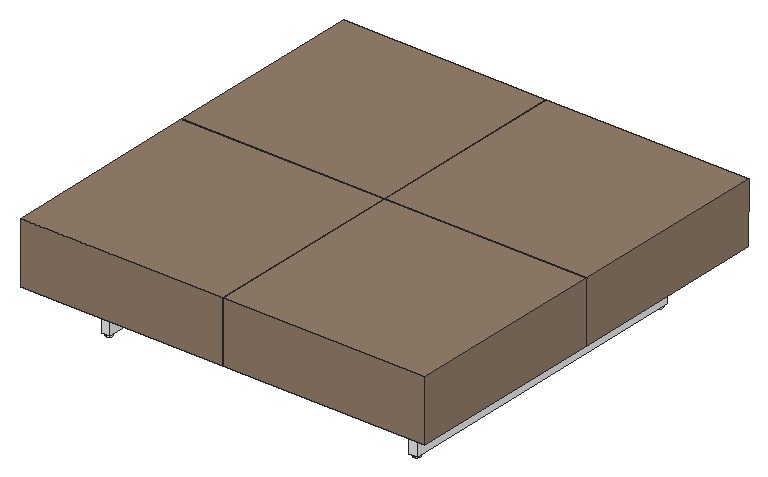
Revit family
Parameters
  Width = 4' - 0"  # constant formula
  URL = "http://elanbydecca.com/"
  Veneer Exterior [instance] = Furniture - DECCA (Elan) - Rottet - Wood
  Base [instance] = Furniture - DECCA (Elan) - Rottet - Base
  Product URL = "http://elanbydecca.com/PDFs/elan_tearsheet-rottet.pdf"
  Model = "LR CT110"
  Manufacturer = "Decca Contract"
  Height = 1' - 1"  # constant formula
  Description = "Rottet Coffee Table, Quad"
  Depth = 4' - 0"  # constant formula
  Assembly Description = "Furniture & Accessories"
  Assembly Code = "E2020200"
Reference planes (in)
  plane 1 "Center Front/Back": y = -0.7524
  plane 2: z = 0
  plane 3 "Center Left/Right": x = 0
  plane 4 "L": x = -24
  plane 5 "R": x = 24
  plane 6 "F": y = -24.7524
  plane 7: y = 23.2476
  plane 8: through (-6.25338, 2.33237, 23.38953) normal (0.4297, -0.4297, 0.7941)
  plane 9: z = 13
  plane 10: z = 0.25
  plane 11: z = 24.75
  plane 12: y = 17.7476
  plane 13: y = -19.2524
  plane 14: y = -18.2524
  plane 15: y = 16.7476
  plane 16: z = 5.75
  plane 17: x = 18.75
  plane 18: x = 17.75
  plane 19: x = -18.75
  plane 20: x = -17.75
  plane 21: z = 4.75
  plane 22: z = 1.25
Forms (in)
  Extrusion 1, solid, material "Furniture - DECCA (Elan) - Rottet - Base" <- "Base"
    sketch origin (0, 0, 0) x (0, 1, 0) y (0, 0, 1)
      loop
        line (17.7476, 0.25) -> (17.7476, 5.75) -> (-19.2524, 5.75) -> (-19.2524, 0.25) -> (17.7476, 0.25)
      loop
        line (16.7476, 1.25) -> (16.7476, 4.75) -> (-18.2524, 4.75) -> (-18.2524, 1.25) -> (16.7476, 1.25)
    from 17.75 to 18.75
  Extrusion 2, solid, material "Furniture - DECCA (Elan) - Rottet - Base" <- "Base"
    sketch origin (0, 0, 0) x (0, 1, 0) y (0, 0, 1)
      loop
        line (17.7476, 5.75) -> (-19.2524, 5.75) -> (-19.2524, 0.25) -> (17.7476, 0.25) -> (17.7476, 5.75)
      loop
        line (16.7476, 4.75) -> (-18.2524, 4.75) -> (-18.2524, 1.25) -> (16.7476, 1.25) -> (16.7476, 4.75)
    from -18.75 to -17.75
  Extrusion 3, solid, material "Furniture - DECCA (Elan) - Rottet - Base" <- "Base"
    sketch origin (0, 0, 0) x (0, 1, 0) y (0, 0, 1)
      loop
        line (17.7476, 4.75) -> (17.7476, 5.75) -> (16.7476, 5.75) -> (16.7476, 4.75) -> (17.7476, 4.75)
      loop
        line (-18.2524, 4.75) -> (-18.2524, 5.75) -> (-19.2524, 5.75) -> (-19.2524, 4.75) -> (-18.2524, 4.75)
    from -17.75 to 17.75
  Extrusion 4, solid, material "Furniture - DECCA (Elan) - Rottet - Base" <- "Base"
    sketch origin (0, 0, 8.32075) x (0, -1, 0) y (1, 0, 0)
      loop
        circle (-17.2476, -18.25) r 0.375
      loop
        circle (-17.2476, 18.25) r 0.375
      loop
        circle (18.7524, -18.25) r 0.375
      loop
        circle (18.7524, 18.25) r 0.375
    from -8.32075 to -8.07075
  Extrusion 5, solid, material "Furniture - DECCA (Elan) - Rottet - Wood" <- "Veneer Exterior"
    sketch origin (0, 0, 8.32075) x (0, -1, 0) y (1, 0, 0)
      loop
        line (0.7524, 0) -> (-23.2476, 0) -> (-23.2476, -24) -> (0.7524, -24) -> (0.7524, 0)
    from -2.57075 to 4.67925
  Extrusion 6, solid, material "Furniture - DECCA (Elan) - Rottet - Wood" <- "Veneer Exterior"
    sketch origin (0, 0, 8.32075) x (0, -1, 0) y (1, 0, 0)
      loop
        line (0.7524, 24) -> (-23.2476, 24) -> (-23.2476, 0) -> (0.7524, 0) -> (0.7524, 24)
    from -2.57075 to 4.67925
  Extrusion 7, solid, material "Furniture - DECCA (Elan) - Rottet - Wood" <- "Veneer Exterior"
    sketch origin (0, 0, 8.32075) x (0, -1, 0) y (1, 0, 0)
      loop
        line (0.7524, 0) -> (0.7524, -24) -> (24.7524, -24) -> (24.7524, 0) -> (0.7524, 0)
    from -2.57075 to 4.67925
  Extrusion 8, solid, material "Furniture - DECCA (Elan) - Rottet - Wood" <- "Veneer Exterior"
    sketch origin (0, 0, 8.32075) x (0, -1, 0) y (1, 0, 0)
      loop
        line (0.7524, 24) -> (0.7524, 0) -> (24.7524, 0) -> (24.7524, 24) -> (0.7524, 24)
    from -2.57075 to 4.67925
Cuts and joins
  joined: Extrusion 1, Extrusion 2, Extrusion 3, Extrusion 4
Dimensions and locks (in)
  equal spacing: plane 4 "L", plane 3 "Center Left/Right", plane 5 "R"
  equal spacing: plane 7, plane 1 "Center Front/Back", plane 6 "F"
  "Width": plane 4 "L" to plane 5 "R"
  "Depth": plane 7 to plane 6 "F"
  "Height": plane 9 to level
  plane 11 to level = 2' - 0 3/4"
  locked: plane 12 to plane 15 at 1
  locked: plane 14 to plane 13 at 1
  locked: plane 19 to Extrusion 4 sketch curve at 0.5  (x2)
  locked: Extrusion 4 sketch curve to plane 17 at 0.5  (x2)
  locked: plane 16 to plane 21 at 1
  locked: plane 10 to plane 22 at 1
  locked: plane 7 to plane 12 at 5.5
  locked: plane 13 to plane 6 "F" at 5.5
  locked: plane 20 to plane 19 at 1
  locked: plane 18 to plane 17 at 1
  locked: plane 17 to plane 5 "R" at 5.25
  locked: plane 19 to plane 4 "L" at 5.25
  aligned and locked: Extrusion 1 to plane 17
  aligned and locked: plane 18 to Extrusion 1
  aligned and locked: Extrusion 2 to plane 19
  aligned and locked: plane 20 to Extrusion 2
  aligned and locked: Extrusion 3 to plane 18
  aligned and locked: Extrusion 3 to plane 20
  aligned and locked: Extrusion 4 to level
  aligned and locked: Extrusion 4 to plane 10
  aligned and locked: plane 16 to Extrusion 2 sketch curve
  aligned and locked: plane 21 to Extrusion 2 sketch curve
  aligned and locked: plane 22 to Extrusion 2 sketch curve
  aligned and locked: plane 10 to Extrusion 2 sketch curve
  aligned and locked: plane 12 to Extrusion 2 sketch curve
  aligned and locked: plane 15 to Extrusion 2 sketch curve
  aligned and locked: plane 14 to Extrusion 2 sketch curve
  aligned and locked: plane 13 to Extrusion 2 sketch curve
  aligned and locked: plane 12 to Extrusion 1 sketch curve
  aligned and locked: plane 15 to Extrusion 1 sketch curve
  aligned and locked: plane 14 to Extrusion 1 sketch curve
  aligned and locked: plane 13 to Extrusion 1 sketch curve
  aligned and locked: plane 16 to Extrusion 1 sketch curve
  aligned and locked: plane 21 to Extrusion 1 sketch curve
  aligned and locked: plane 22 to Extrusion 1 sketch curve
  aligned and locked: plane 10 to Extrusion 1 sketch curve
  aligned and locked: plane 12 to Extrusion 3 sketch curve
  aligned and locked: plane 15 to Extrusion 3 sketch curve
  aligned and locked: plane 14 to Extrusion 3 sketch curve
  aligned and locked: plane 13 to Extrusion 3 sketch curve
  aligned and locked: plane 16 to Extrusion 3 sketch curve  (x2)
  aligned and locked: plane 21 to Extrusion 3 sketch curve  (x2)
  aligned and locked: plane 1 "Center Front/Back" to Extrusion 5 sketch curve
  aligned and locked: plane 4 "L" to Extrusion 5 sketch curve
  aligned and locked: plane 3 "Center Left/Right" to Extrusion 5 sketch curve
  aligned and locked: plane 7 to Extrusion 5 sketch curve
  aligned and locked: plane 1 "Center Front/Back" to Extrusion 6 sketch curve
  aligned and locked: plane 3 "Center Left/Right" to Extrusion 6 sketch curve
  aligned and locked: plane 7 to Extrusion 6 sketch curve
  aligned and locked: Extrusion 6 sketch curve to plane 5 "R"
  aligned and locked: plane 1 "Center Front/Back" to Extrusion 7 sketch curve
  aligned and locked: plane 4 "L" to Extrusion 7 sketch curve
  aligned and locked: plane 6 "F" to Extrusion 7 sketch curve
  aligned and locked: plane 3 "Center Left/Right" to Extrusion 7 sketch curve
  aligned and locked: plane 1 "Center Front/Back" to Extrusion 8 sketch curve
  aligned and locked: plane 3 "Center Left/Right" to Extrusion 8 sketch curve
  aligned and locked: Extrusion 8 sketch curve to plane 5 "R"
  aligned and locked: plane 6 "F" to Extrusion 8 sketch curve
  aligned: Extrusion 8 to plane 21
  aligned and locked: plane 9 to Extrusion 8
  aligned: Extrusion 6 to plane 21
  aligned and locked: plane 9 to Extrusion 6
  aligned: Extrusion 7 to plane 21
  aligned and locked: plane 9 to Extrusion 7
  aligned and locked: Extrusion 8 to plane 16
  aligned and locked: Extrusion 6 to plane 16
  aligned and locked: Extrusion 5 to plane 16
  aligned and locked: plane 9 to Extrusion 5
  aligned and locked: Extrusion 7 to plane 16
Automatic sketch dimensions
  Extrusion 4 sketch curve to plane 12 = 0' - 0 1/2"  (x2)
  plane 13 to Extrusion 4 sketch curve = 0' - 0 1/2"  (x2)
  radius of Extrusion 4 sketch curve = 0' - 0 3/8"  (x4)
